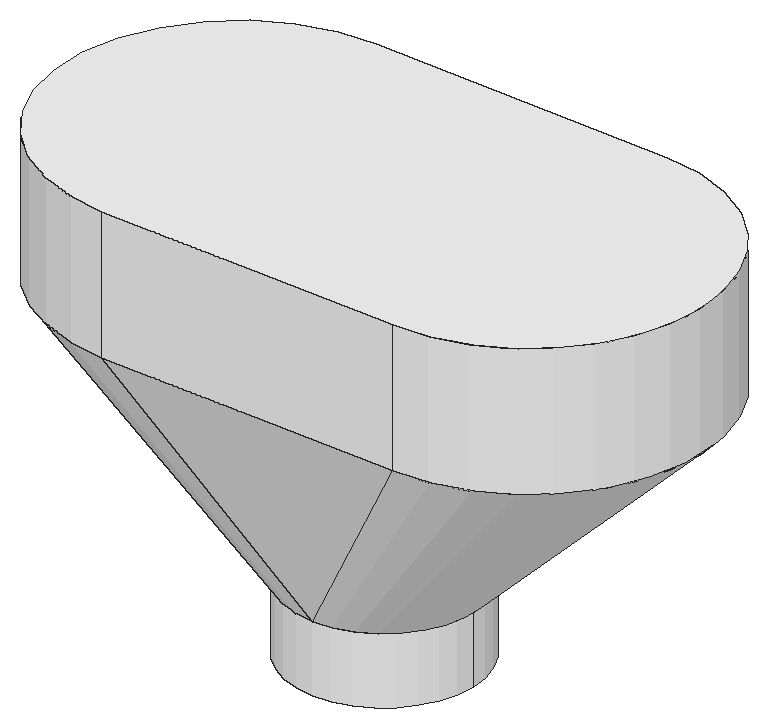
Revit family "HL_Капельная воронка_HL20", category Příslušenství trubek, Revit 2016
Family settings
  Typ součásti = Normální
  Kóta kulaté spojky = Použít průměr
  Číslo OmniClass = 23.60.30.00
  Nadpis OmniClass = General Pipework and Ductwork Products
  Založené na pracovní rovině = Ne
  Vždy vertikální = Ano
  Ořezat dutým tvarem při načtení = Ne
  Sdílené = Ne
Parameters
  РАЗМЕР = "6/4\""
  ПРОПУСКНАЯ СПОСОБНОСТЬ = 0.0 m³/h
  ПРАВОВАЯ ИНФОРМАЦИЯ = "\"Copyright (©), design rights or any other intellectual property rights, shall be the exclusive property of HL Hutterer & Lechner GmbH. Modification is not allowed. Family has been watermarked.\""
  НОМИНАЛЬНЫЙ ДИАМЕТР = 40 mm
  МАТЕРИАЛ = "PP"
  ВЕС = "0,115 kg"
  Výrobce = "HL Hutterer & Lechner GmbH"
  URL = "http://www.hutterer-lechner.com/en/products/catalog/roof-drains/HL20.aspx"
  Description = "Air condition and ventilation"
  Model = "HL20"
  материал = Plactic - White
  Type Comments = "drip funnel 1 1/2' with pipe clip"
  EAN = "9003076500208"
  Cena = 0
Types (2, lengths in mm): name | ПРАВОВАЯ ИНФОРМАЦИЯ | URL | Description | Type Comments
  (no name) | "\"Copyright (©), design rights or any other intellectual property rights, shall be the exclusive property of HL Hutterer & Lechner GmbH. Modification is not allowed. Family has been watermarked.\"" | "http://www.hutterer-lechner.com/en/products/catalog/roof-drains/HL20.aspx" | "Air condition and ventilation" | "drip funnel 1 1/2' with pipe clip"
  HL_Капельная воронка_HL20 | "\"Авторские права(©), права на дизайн или какие либо другие права интелектуальной собственности являются исключительной собственностью компании HL Hutterer & Lechner. Изменению не подлежит. Файл семейства с данными о прозводителе изделия защищен паролем с водяным знаком.\"" | "http://www.hutterer-lechner.com/ru/products/catalog/roof-drains/HL20.aspx" | "Кондиционирование и Вентиляция" | "Капельная воронка 6/4\" с скобой для крепления труб"
Reference planes
  plane 1 "Střed (vpředu/vzadu)": y = 0
  plane 2: z = 0
  plane 3 "Střed (vlevo/vpravo)": x = 0
Forms (mm)
  Extrusion 1, solid, material "Plactic - White" <- "материал", detail levels fine
    sketch origin (0, 0, 0) x (1, 0, 0) y (0, 1, 0)
      loop
        line (39, 46) -> (-39, 46)
        arc (-39, 46) -> (-85, 0) -> (-39, -46) r 46
        line (-39, -46) -> (39, -46)
        arc (39, -46) -> (85, 0) -> (39, 46) r 46
    from 77.361 to 112.5
  SweptBlend 2, solid, material "Plactic - White" <- "материал", detail levels fine
    path origin (0, 0, 0) x (1, 0, 0) y (0, 0, 1)
      loop
        line (0, 17.781) -> (0, 77.361)
    profile origin (0, 0, 17.781) x (-1, 0, 0) y (0, -1, 0)
      loop
        line (0, -23.963) -> (0, 23.963)
        arc (0, 23.963) -> (-23.963, 0) -> (0, -23.963) r 23.963
    end profile origin (0, 0, 77.361) x (-1, 0, 0) y (0, -1, 0)
      loop
        arc (-39, 46) -> (-85, 0) -> (-39, -46) r 46
        line (-39, -46) -> (0, -46) -> (0, 46) -> (-39, 46)
  SweptBlend 3, solid, material "Plactic - White" <- "материал", detail levels fine
    path origin (0, 0, 0) x (-1, 0, 0) y (0, 0, 1)
      loop
        line (0, 17.781) -> (0, 77.361)
    profile origin (0, 0, 17.781) x (1, 0, 0) y (0, 1, 0)
      loop
        line (0, -23.963) -> (0, 23.963)
        arc (0, 23.963) -> (-23.963, 0) -> (0, -23.963) r 23.963
    end profile origin (0, 0, 77.361) x (1, 0, 0) y (0, 1, 0)
      loop
        arc (-39, 46) -> (-85, 0) -> (-39, -46) r 46
        line (-39, -46) -> (0, -46) -> (0, 46) -> (-39, 46)
  Extrusion 4, solid, material "Plactic - White" <- "материал", detail levels fine
    sketch origin (0, 0, 17.781) x (0, 1, 0) y (1, 0, 0)
      loop
        circle (0, 0) r 23.963
    from 0 to 17.781
Cuts and joins
  joined: Extrusion 1, SweptBlend 2, SweptBlend 3, Extrusion 4
Lines and regions (mm)
  model lines, detail levels fine
    curve 1: arc (-39, -43, 112.5) -> (-82, 0, 112.5) -> (-39, 43, 112.5) r 43
    curve 2: arc (39, 43, 112.5) -> (82, 0, 112.5) -> (39, -43, 112.5) r 43
    curve 3: line (39, 43, 112.5) -> (-39, 43, 112.5)
    curve 4: line (39, -43, 112.5) -> (-39, -43, 112.5)
  symbolic lines, detail levels coarse+medium
    curve 5: arc (39, -46, 0) -> (85, 0, 0) -> (39, 46, 0) r 46
    curve 6: line (39, 46, 0) -> (-39, 46, 0)
    curve 7: arc (-39, 46, 0) -> (-85, 0, 0) -> (-39, -46, 0) r 46
    curve 8: line (-39, -46, 0) -> (39, -46, 0)
  model lines, detail levels coarse+medium
    curve 9: line (85, 0, 112.5) -> (-85, 0, 112.5)
    curve 10: line (-85, 0, 112.5) -> (-85, 0, 77.361)
    curve 11: line (-85, 0, 77.361) -> (-23.963, 0, 17.781)
    curve 12: line (-23.963, 0, 17.781) -> (-23.963, 0, 0)
    curve 13: line (-23.963, 0, 0) -> (23.963, 0, 0)
    curve 14: line (23.963, 0, 0) -> (23.963, 0, 17.781)
    curve 15: line (23.963, 0, 17.781) -> (85, 0, 77.361)
    curve 16: line (85, 0, 77.361) -> (85, 0, 112.5)
Dimensions and locks
  aligned and locked: level to plane 2
Connectors
  piping at (0, 0, 0), diameter 40, driven by "ПРОПУСКНАЯ СПОСОБНОСТЬ", driven by "НОМИНАЛЬНЫЙ ДИАМЕТР"
    settings: on Extrusion 4, index 1, connector inside diameter 609.6 mm, connector length 0 mm, flow factor 0, pipe flow 0.0 m³/h, pressure drop 0.0 Pa, fitting loss kfactor 0, connector angle 0.00°, fixture units 0, engagement length 0 mm, angle of deflection 0.00°, flow configuration 0, flow direction 2, fitting loss method 0, system type 16, joint type 0, gender type 0, connector reference index -1, connector utility 0, adjustable connector yes, is connector primary yes, connector description ""
